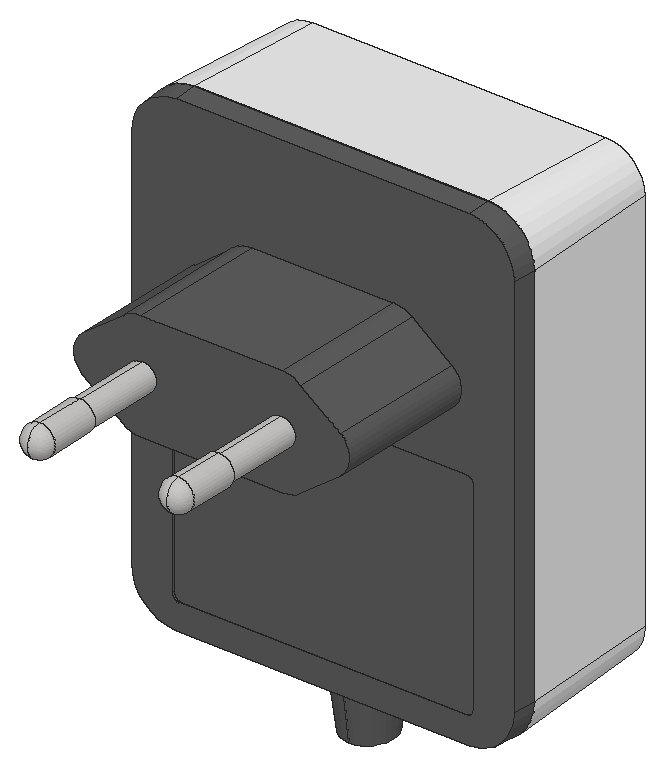
Revit family "PRD_AR_TpsAndWtrSpplOtltFttngs_Plug-inPowerSupplyUnit_ACEX9022", category Specialty Equipment, Revit 2023
Family settings
  Round Connector Dimension = Use Diameter
  Part Type = Normal
  OmniClass Number = 23.80.10.17.21
  OmniClass Title = Battery Chargers
  Work Plane-Based = No
  Enable Cutting in Views = No
  Always vertical = Yes
  Cut with Voids When Loaded = No
  Maintain Annotation Orientation = No
  Shared = No
  Room Calculation Point = No
Parameters (values of type "ACEX9022")
  WarrantyStartDate [instance] = "1900-12-31T23:59:59"
  WarrantyGuarantorParts = "n/a"
  WarrantyGuarantorLabor = "n/a"
  WarrantyDurationUnit = "n/a"
  WarrantyDurationParts = "n/a"
  WarrantyDurationLabor = "n/a"
  WarrantyDescription = "n/a"
  Version = "1"
  Uniclass2015Version = "Products v1.36"
  Uniclass2015Title = "Taps and water supply outlet fittings"
  Uniclass2015Code = "Pr_40_20_87"
  URL = "www.kwc-professional.com"
  Type IFC Predefined Type = "USERDEFINED"
  TagNumber [instance] = "n/a"
  SustainabilityPerformance = "n/a"
  Status = "New"
  Size = "n/a"
  Shape = "n/a"
  SerialNumber [instance] = "n/a"
  Revision = "n/a"
  ReplacementCost = "n/a"
  Reference = "n/a"
  ProductInformation = "http://pim.kwc.com/product/3600002062/attachment/datasheet?locale=en"
  PowerSwitch = "no"
  OutputVoltageUOM = "DC"
  OutputVoltage = "6.75 Volt"
  NominalWidth = 50 mm
  NominalLength = 62 mm
  NominalHeight = 62 mm
  NominalDepth = 22 mm
  Name = "Plug-in power supply unit ACEX9022"
  NBSTypeID = "n/a"
  NBSReference = "n/a"
  NBSOfficeMasterTag = "n/a"
  NBSNote = "n/a"
  NBSDescription = "n/a"
  NBSCertification = "n/a"
  ModelReference = "ACEX9022"
  ModelNumber = "3600002062"
  Model = ModelReference  # "ACEX9022"
  Material = "n/a"
  ManufacturerURL = "www.kwc-professional.com"
  ManufacturerName = "KWC Group Management AG"  # constant formula
  Manufacturer = ManufacturerName  # "KWC Group Management AG"
  InstallationDate [instance] = "1900-12-31T23:59:59"
  InputSupplyVoltageVMin = "100 Volt"
  InputSupplyVoltageVMax = "240 Volt"
  IfcExportType = "USERDEFINED"
  IfcExportAs = "IfcSanitaryTerminalType"
  Grade = "n/a"
  Finish = "n/a"
  Features = "With EU connection, 100-240 V AC - 6.75V DC"
  Export Type to IFC As = "IfcSanitaryTerminalType"
  ExpectedLife = "n/a"
  DurationUnit = "n/a"
  Description = "Plug-in power supply unit with EU connection, 100-240 V AC - 6.75 V DC, with energy buffer for safety shutdown of connected tap technology in the event of a mains voltage failure."
  Default Elevation = 0 mm
  CreatedOn = "05/2025"  # constant formula
  Constituents = "n/a"
  CompatibleA3000Open = "no"
  CompatibleA3000 = "no"
  Communication = "no"
  Color = "n/a"
  CodePerformance = "n/a"
  Category = "Pr_40_20_87, Taps and water supply outlet fittings"
  BodyMaterial = PRD_AR_Plastic_White
  BarCode [instance] = "n/a"
  BIMObjectName = "PRD_AR_TapsAndWaterSupplyOutletFittings_Plug-inPowerSupplyUnit_ACEX9022"
  Author = "Archispace"  # constant formula
  AssetType = "Fixed"
  AssetIdentifier [instance] = "n/a"
  AccessibilityPerformance = "n/a"
Reference planes
  plane 1 "Center (Front/Back)": y = 0
  plane 2: z = 0
  plane 3 "Center (Left/Right)": x = 0
Dimensions and locks
  aligned and locked: level to plane 2
Nested families
  nested 1: "Unit" at (0, 0, 0), type "Unit"
Definition of nested family "Unit"
  Parameters (values of type "Unit")
    Material2 = none
    Material = none
    Default Elevation = 0 mm
  Reference planes
    plane 1 "Center (Front/Back)": y = 0
    plane 2: z = 0
    plane 3 "Center (Left/Right)": x = 0
  Forms (mm)
    Blend 1, solid, material <- "Material", detail levels fine
      base sketch origin (0, 0, 0) x (1, 0, 0) y (0, 0, 1)
        loop
          line (-25, 15) -> (-25, -35)
          arc (-25, -35) -> (-23.243, -39.243) -> (-19, -41) r 6
          line (-19, -41) -> (19, -41)
          arc (19, -41) -> (23.243, -39.243) -> (25, -35) r 6
          line (25, -35) -> (25, 15)
          arc (25, 15) -> (23.243, 19.243) -> (19, 21) r 6
          line (19, 21) -> (-19, 21)
          arc (-19, 21) -> (-23.243, 19.243) -> (-25, 15) r 6
      top sketch origin (0, 0, 0) x (1, 0, 0) y (0, 0, 1)
        loop
          line (-24, 15) -> (-24, -35)
          arc (-24, -35) -> (-22.536, -38.536) -> (-19, -40) r 5
          line (-19, -40) -> (19, -40)
          arc (19, -40) -> (22.536, -38.536) -> (24, -35) r 5
          line (24, -35) -> (24, 15)
          arc (24, 15) -> (22.536, 18.536) -> (19, 20) r 5
          line (19, 20) -> (-19, 20)
          arc (-19, 20) -> (-22.536, 18.536) -> (-24, 15) r 5
      from -3 to -22.01
    Blend 2, solid, material <- "Material2", detail levels fine
      base sketch origin (0, 0, 0) x (1, 0, 0) y (0, 0, 1)
        loop
          line (-25, 15) -> (-25, -35)
          arc (-25, -35) -> (-23.243, -39.243) -> (-19, -41) r 6
          line (-19, -41) -> (19, -41)
          arc (19, -41) -> (23.243, -39.243) -> (25, -35) r 6
          line (25, -35) -> (25, 15)
          arc (25, 15) -> (23.243, 19.243) -> (19, 21) r 6
          line (19, 21) -> (-19, 21)
          arc (-19, 21) -> (-23.243, 19.243) -> (-25, 15) r 6
      top sketch origin (0, 0, 0) x (1, 0, 0) y (0, 0, 1)
        loop
          line (-24.8, 15) -> (-24.8, -35)
          arc (-24.8, -35) -> (-23.101, -39.101) -> (-19, -40.8) r 5.8
          line (-19, -40.8) -> (19, -40.8)
          arc (19, -40.8) -> (23.101, -39.101) -> (24.8, -35) r 5.8
          line (24.8, -35) -> (24.8, 15)
          arc (24.8, 15) -> (23.101, 19.101) -> (19, 20.8) r 5.8
          line (19, 20.8) -> (-19, 20.8)
          arc (-19, 20.8) -> (-23.101, 19.101) -> (-24.8, 15) r 5.8
      from -3 to 0
    Extrusion 3, solid, material <- "Material2", detail levels fine
      sketch origin (0, 0, 0) x (1, 0, 0) y (0, 0, 1)
        loop
          arc (-9.167, 7.05) -> (-10.432, 6.845) -> (-11.567, 6.25) r 4
          line (-11.567, 6.25) -> (-16.7, 2.4)
          arc (-16.7, 2.4) -> (-17.9, 0) -> (-16.7, -2.4) r 3
          line (-16.7, -2.4) -> (-11.567, -6.25)
          arc (-11.567, -6.25) -> (-10.432, -6.845) -> (-9.167, -7.05) r 4
          line (-9.167, -7.05) -> (9.167, -7.05)
          arc (9.167, -7.05) -> (10.432, -6.845) -> (11.567, -6.25) r 4
          line (11.567, -6.25) -> (16.7, -2.4)
          arc (16.7, -2.4) -> (17.9, 0) -> (16.7, 2.4) r 3
          line (16.7, 2.4) -> (11.567, 6.25)
          arc (11.567, 6.25) -> (10.432, 6.845) -> (9.167, 7.05) r 4
          line (9.167, 7.05) -> (-9.167, 7.05)
      from 0 to 18
    Revolve 4, solid, detail levels fine
      sketch origin (-9, 0, 0) x (0, 1, 0) y (0, 0, 1)
        loop
          line (-18, 0) -> (-28.2, 0) -> (-28.2, -1.8) -> (-18, -1.8) -> (-18, 0)
        axis (-18, 0) -> (-28.2, 0)
      angle from 0 to 360
    Revolve 5, solid, detail levels fine
      sketch origin (-9, 0, 0) x (0, 1, 0) y (0, 0, 1)
        loop
          line (-28.2, 0) -> (-36.61, 0)
          arc (-36.61, 0) -> (-36.024, -1.414) -> (-34.61, -2) r 2
          line (-34.61, -2) -> (-28.2, -2) -> (-28.2, 0)
        axis (-28.2, 0) -> (-36.61, 0)
      angle from 0 to 360
    Revolve 6, solid, detail levels fine
      sketch origin (9, 0, 0) x (0, 1, 0) y (0, 0, 1)
        loop
          line (-18, 0) -> (-28.2, 0) -> (-28.2, -1.8) -> (-18, -1.8) -> (-18, 0)
        axis (-18, 0) -> (-28.2, 0)
      angle from 0 to 360
    Revolve 7, solid, detail levels fine
      sketch origin (9, 0, 0) x (0, 1, 0) y (0, 0, 1)
        loop
          line (-28.2, 0) -> (-36.61, 0)
          arc (-36.61, 0) -> (-36.024, -1.414) -> (-34.61, -2) r 2
          line (-34.61, -2) -> (-28.2, -2) -> (-28.2, 0)
        axis (-28.2, 0) -> (-36.61, 0)
      angle from 0 to 360
    Extrusion 8, void
      sketch origin (0, 0, 0) x (1, 0, 0) y (0, 0, 1)
        loop
          arc (-18.5, -9.472) -> (-19.207, -9.765) -> (-19.5, -10.472) r 1
          line (-19.5, -10.472) -> (-19.5, -36.472)
          arc (-19.5, -36.472) -> (-19.207, -37.179) -> (-18.5, -37.472) r 1
          line (-18.5, -37.472) -> (18.5, -37.472)
          arc (18.5, -37.472) -> (19.207, -37.179) -> (19.5, -36.472) r 1
          line (19.5, -36.472) -> (19.5, -10.472)
          arc (19.5, -10.472) -> (19.207, -9.765) -> (18.5, -9.472) r 1
          line (18.5, -9.472) -> (-18.5, -9.472)
      from -0.2 to 1
    Revolve 9, solid, material <- "Material2", detail levels fine
      sketch origin (0, 0, 0) x (0, 1, 0) y (0, 0, 1)
        loop
          line (7.413, -48.78) -> (10.709, -48.607) -> (10.989, -40.581) -> (6.995, -40.791) -> (7.413, -48.78)
        axis (7.413, -48.78) -> (6.995, -40.791)
      angle from 0 to 360
    Extrusion 10, solid, material <- "Material", detail levels coarse+medium
      sketch origin (0, 0, 0) x (1, 0, 0) y (0, 0, 1)
        loop
          line (-25, 21) -> (-25, -41) -> (25, -41) -> (25, 21) -> (-25, 21)
      from -22.01 to 36.542
  Cuts and joins
    Extrusion 8 cuts Blend 2
  Dimensions and locks
    aligned and locked: level to plane 2
